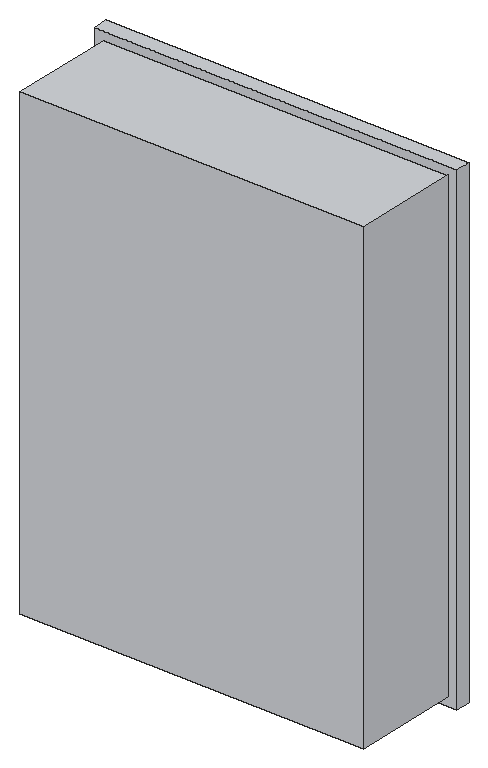
Revit family "Esser Transponder 4inn-2ut", category Fire Alarm Devices, Revit 2013
Parameters
  Width 2 = Width - 20 mm  # 360 mm
  Width = 380 mm
  Up [instance] = yes
  Symbol Positive Direction [instance] = yes
  Symbol Offset Side [instance] = 0 mm
  Reference Line Out [instance] = 50 mm
  Symbol Offset Out [instance] = 0 mm
  Material = none
  Height 1 = Height - 18 mm  # 490 mm
  Height = 508 mm
  Down [instance] = not(Up)  # no
  Depth = 110 mm
Reference planes
  plane 1 "Center (Front/Back)": y = 0
  plane 2: z = 0
  plane 3 "Center (Left/Right)": x = 0
  plane 4: y = 15
  plane 5: y = -110
  plane 6: x = -190
  plane 7: x = 190
  plane 8: x = -180
  plane 9: x = 180
  plane 10: z = 254
  plane 11: z = -254
  plane 12: z = 245
  plane 13: z = -245
Forms (mm)
  Extrusion 1, solid, material <- "Material"
    sketch origin (0, 0, 0) x (1, 0, 0) y (0, 1, 0)
      loop
        line (-190, 15) -> (-190, 0) -> (190, 0) -> (190, 15) -> (-190, 15)
    from -254 to 254
  Extrusion 2, solid, material <- "Material"
    sketch origin (0, 0, 0) x (1, 0, 0) y (0, 0, 1)
      loop
        line (-180, 245) -> (-180, -245) -> (180, -245) -> (180, 245) -> (-180, 245)
    from 0 to 110
Lines and regions (mm)
  model lines, style "InvisibleLines"
    curve 1: line (0, 0, 0) -> (0, 50, 0)
Dimensions and locks
  equal spacing: plane 6, plane 3 "Center (Left/Right)", plane 7
  locked: plane 4 to plane 1 "Center (Front/Back)" at 15
  "Width": plane 6 to plane 7
  equal spacing: plane 8, plane 3 "Center (Left/Right)", plane 9
  "Width 2": plane 8 to plane 9
  equal spacing: plane 10, plane 2, plane 11
  "Height": plane 10 to plane 11
  equal spacing: plane 12, plane 2, plane 13
  "Height 1": plane 12 to plane 13
  "Depth": plane 5 to plane 1 "Center (Front/Back)"
  "Reference Line Out": plane 1 "Center (Front/Back)" to curve 1
  aligned and locked: level to plane 2
  aligned and locked: Extrusion 1 sketch curve to plane 4
  aligned and locked: plane 6 to Extrusion 1 sketch curve
  aligned and locked: Extrusion 1 sketch curve to plane 1 "Center (Front/Back)"
  aligned and locked: Extrusion 1 sketch curve to plane 7
  aligned and locked: plane 10 to Extrusion 1
  aligned and locked: Extrusion 1 to plane 11
  aligned and locked: Extrusion 2 sketch curve to plane 12
  aligned and locked: plane 8 to Extrusion 2 sketch curve
  aligned and locked: plane 13 to Extrusion 2 sketch curve
  aligned and locked: Extrusion 2 sketch curve to plane 9
  aligned and locked: Extrusion 2 to plane 5
  aligned and locked: plane 3 "Center (Left/Right)" to curve 1
  aligned and locked: plane 1 "Center (Front/Back)" to curve 1
  aligned and locked: plane 1 "Center (Front/Back)" to nested 2
  aligned and locked: plane 1 "Center (Front/Back)" to nested 1
  aligned and locked: plane 3 "Center (Left/Right)" to nested 1
  aligned and locked: plane 3 "Center (Left/Right)" to nested 2
Nested families
  nested 1: "Inn-_utgangsenhet_2" at (0, 0, 0), visible <- "Down", type "Type 1"
  nested 2: "Inn-_utgangsenhet" at (0, 0, 0), visible <- "Up", type "Type 1"
Connectors
  electrical at (0, 0, 0)
    settings: index 1, voltage 0 V, apparent load 0 VA, apparent load phase1 0 VA, apparent load phase2 0 VA, apparent load phase3 0 VA, power factor 1, load classification "Other", number of poles 1, system type 11, power factor state 1, is connector primary yes, connector utility no, sub classification motor no, connector description ""
Definition of nested family "Inn-_utgangsenhet_2"
  Parameters (values of type "Type 1")
    CQ Symbol Positive Direction = yes
    CQ Symbol Negative Direction = not(CQ Symbol Positive Direction)  # no
    CQ Symbol Offset Side = 0 mm
    CQ Symbol Offset Out = 0 mm
  Reference planes
    plane 1: y = 0
    plane 2: x = 0
  Dimensions and locks
    "CQ Symbol Offset Side": nested 2 to plane 2
    "CQ Symbol Offset Side": plane 2 to nested 1
    "CQ Symbol Offset Out": plane 1 to nested 2
    "CQ Symbol Offset Out": plane 1 to nested 1
  Nested families
    nested 1: "InnUtgangsenhetSub" at (0, 0, 0), visible <- "CQ Symbol Positive Direction", type "Type 1"
    nested 2: "InnUtgangsenhetSub" at (0, 0, 0), visible <- "CQ Symbol Negative Direction", type "Type 1"
  Definition of nested family "InnUtgangsenhetSub"
    Reference planes
      plane 1: y = 0
      plane 2: x = 0
    Lines and regions (mm)
      detail lines
        curve 1: line (2, 4, 0) -> (-2, 4, 0)
        curve 2: line (-2, 4, 0) -> (-2, 0, 0)
        curve 3: line (-2, 0, 0) -> (2, 0, 0)
        curve 4: line (2, 0, 0) -> (2, 4, 0)
        curve 11: line (-0.152, 0.852, 0) -> (-0.152, 1.842, 0)
        curve 12: line (-0.24, 3.554, 0) -> (-1.378, 0.426, 0)
        curve 13: arc (-0.868, 2.972, 0) -> (-1.218, 2.622, 0) -> (-1.569, 2.972, 0) r 0.35
        curve 14: arc (-0.868, 3.261, 0) -> (-1.218, 3.611, 0) -> (-1.569, 3.261, 0) r 0.35
        curve 15: line (-0.868, 3.261, 0) -> (-0.868, 2.972, 0)
        curve 16: line (-1.569, 3.261, 0) -> (-1.569, 2.972, 0)
      reference lines
        curve 5: line (0, 0, 0) -> (0, 5, 0)
      detail lines, style "GenericAnnotation"
        curve 6: circle (1.381, 3.304, 0) r 0.219 normal (0, 0, 1)
        curve 7: line (1.381, 2.647, 0) -> (1.162, 0.676, 0)
        curve 8: arc (1.162, 0.676, 0) -> (1.381, 0.457, 0) -> (1.6, 0.676, 0) r 0.219
        curve 9: line (1.6, 0.676, 0) -> (1.381, 2.647, 0)
        curve 10: line (1.381, 1.552, 0) -> (1.381, 0.676, 0)
Definition of nested family "Inn-_utgangsenhet"
  Parameters (values of type "Type 1")
    CQ Symbol Positive Direction = yes
    CQ Symbol Negative Direction = not(CQ Symbol Positive Direction)  # no
    CQ Symbol Offset Side = 0 mm
    CQ Symbol Offset Out = 0 mm
  Reference planes
    plane 1: y = 0
    plane 2: x = 0
  Dimensions and locks
    "CQ Symbol Offset Side": nested 2 to plane 2
    "CQ Symbol Offset Side": plane 2 to nested 1
    "CQ Symbol Offset Out": plane 1 to nested 2
    "CQ Symbol Offset Out": plane 1 to nested 1
  Nested families
    nested 1: "InnUtgangsenhetSub" at (0, 0, 0), visible <- "CQ Symbol Positive Direction", type "Type 1"
    nested 2: "InnUtgangsenhetSub" at (0, 0, 0), visible <- "CQ Symbol Negative Direction", type "Type 1"
  Definition of nested family "InnUtgangsenhetSub"
    Reference planes
      plane 1: y = 0
      plane 2: x = 0
    Lines and regions (mm)
      detail lines
        curve 1: line (-2, 0, 0) -> (2, 0, 0)
        curve 2: line (2, 0, 0) -> (2, 4, 0)
        curve 3: line (2, 4, 0) -> (-2, 4, 0)
        curve 4: line (-2, 4, 0) -> (-2, 0, 0)
        curve 11: line (0.107, 3.183, 0) -> (0.107, 2.204, 0)
        curve 12: line (0.193, 0.511, 0) -> (1.319, 3.605, 0)
        curve 13: arc (0.814, 1.087, 0) -> (1.161, 1.433, 0) -> (1.507, 1.087, 0) r 0.346
        curve 14: arc (0.814, 0.801, 0) -> (1.161, 0.455, 0) -> (1.507, 0.801, 0) r 0.346
        curve 15: line (0.814, 0.801, 0) -> (0.814, 1.087, 0)
        curve 16: line (1.507, 0.801, 0) -> (1.507, 1.087, 0)
      detail lines, style "GenericAnnotation"
        curve 5: circle (-1.409, 0.759, 0) r 0.217 normal (0, 0, 1)
        curve 6: line (-1.409, 1.408, 0) -> (-1.193, 3.357, 0)
        curve 7: arc (-1.193, 3.357, 0) -> (-1.409, 3.574, 0) -> (-1.626, 3.357, 0) r 0.217
        curve 8: line (-1.626, 3.357, 0) -> (-1.409, 1.408, 0)
        curve 9: line (-1.409, 2.491, 0) -> (-1.409, 3.357, 0)
      reference lines
        curve 10: line (0, 5, 0) -> (0, 0, 0)
    Dimensions and locks
      aligned and locked: curve 10 to plane 2
